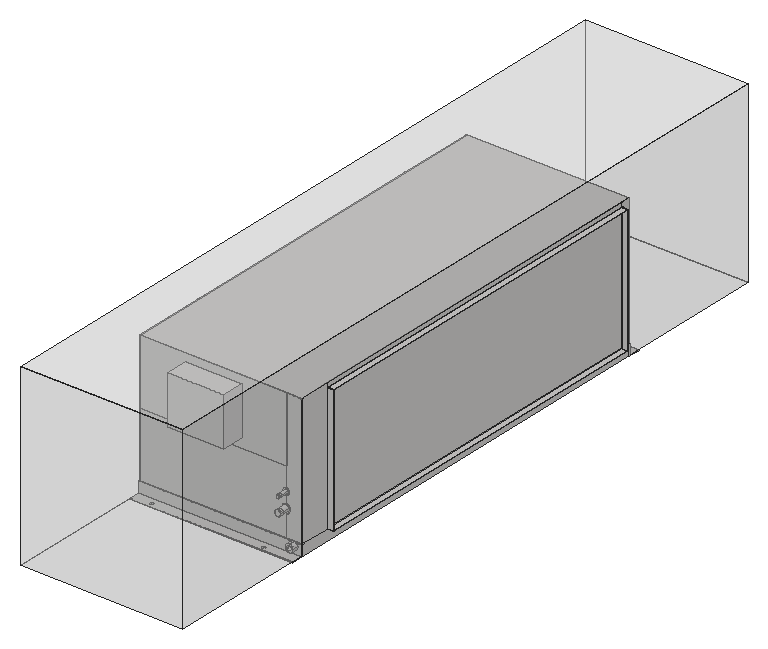
Revit family "outputfile", category 機械設備, Revit 2024
Family settings
  丸型コネクタ寸法 = 半径を使用
  パーツ タイプ = 標準
  OmniClass 番号 = 23.75.10.24.21.27.27
  OmniClass タイトル = Split System Air Conditioning Units
  作業面ベース = いいえ
  常に垂直 = はい
  ロード時にボイドで切り取り = いいえ
  注釈の向きを維持 = いいえ
  共有 = いいえ
  部屋計算ポイント = はい
Parameters (values of type "FDR500QY1")
  Description = ""
  書き出し IFC クラス(タイプ) = "IfcUnitaryEquipmentType"
  定義済み IFC タイプ(タイプ) = "AIRCONDITIONINGUNIT"
  Cost = 0
  Type Comments = ""
  Keynote = ""
  Type Image = (empty or 0)
  Assembly Code = ""
  angle_Drain Pipe [instance] = if(Rear Connection_drainpipe, -90.00°, 90.00°)  # 90.00°
  製造元 = "Daikin"
  モデル = "FDR500QY1"
  w2 = if(Depth = 2195.0 mm, 0.0 mm, if(Depth = 1980.0 mm, 0.0 mm, 352.0 mm))  # 0.0 mm
  w1 = if(Depth = 2195.0 mm, 0.0 mm, if(Depth = 1980.0 mm, 1.0 mm, 20.0 mm))  # 0.0 mm
  switch_frequency = yes
  r_Liquid Pipe Size = Liquid Pipe Size / 2  # 7.95 mm
  r_Gas Pipe Size = Gas Pipe Size / 2  # 14.3 mm
  r_Drain Pipe Size = Drain Pipe Size / 2  # 12.7 mm
  r_D = if(Depth = 2195.0 mm, 41.5 mm, if(Depth = 1980.0 mm, 41.5 mm, 34.5 mm))  # 41.5 mm
  lw_power = if(Depth = 2195.0 mm, Width / 2 - 249.0 mm, if(Depth = 1980.0 mm, Width / 2 - 128.0 mm, Width / 2 - 138.0 mm))  # 186.0 mm
  lw_mountinghole = if(Depth = 2195.0 mm, 100.0 mm, if(Depth = 1980.0 mm, 100.0 mm, if(Depth = 1330.0 mm, 59.0 mm, 59.0 mm)))  # 100.0 mm
  lh_SA = if(Depth = 2195.0 mm, 263.0 mm + SA Duct Size Height / 2, if(Depth = 1980.0 mm, 257.0 mm + SA Duct Size Height / 2, 156.0 mm + SA Duct Size Height / 2))  # 436.5 mm
  ld_SA = if(Depth = 2195.0 mm, 570.0 mm + SA Duct Size Width / 2, if(Depth = 1980.0 mm, 479.0 mm + SA Duct Size Width / 2, 128.0 mm + SA Duct Size Width / 2))  # 1092.5 mm
  ld_RA = if(Depth = 2195.0 mm, 171.0 mm + RA Duct Size Width / 2, if(Depth = 1980.0 mm, 169.0 mm + RA Duct Size Width / 2, 128.0 mm + RA Duct Size Width / 2))  # 1158.0 mm
  lh_power = if(Depth = 2195.0 mm, 490.0 mm, if(Depth = 1980.0 mm, 300.0 mm, 200.0 mm))  # 490.0 mm
  lh_RA = if(Depth = 2195.0 mm, 60.0 mm + RA Duct Size Height / 2, if(Depth = 1980.0 mm, 61.0 mm + RA Duct Size Height / 2, 156.0 mm + RA Duct Size Height / 2))  # 399.5 mm
  ld_power = if(Depth = 2195.0 mm, 75.8 mm, if(Depth = 1980.0 mm, 70.0 mm, 76.6 mm))  # 75.8 mm
  l_SA = if(Depth = 2195.0 mm, 36.0 mm, if(Depth = 1980.0 mm, 35.0 mm, 39.0 mm))  # 36.0 mm
  l_RA = if(Depth = 2195.0 mm, 36.0 mm, if(Depth = 1980.0 mm, 35.0 mm, 39.0 mm))  # 36.0 mm
  d = if(Depth = 1330.0 mm, 20.0 mm, 0.0 mm)  # 0.0 mm
  connector_voltage = Voltage_50Hz  # 400 V
  connector_powerinput = [Power Input (Cooling)]  # 26.390 kW
  connector_phase = Phase_50Hz  # 3
  Voltage_comment_50Hz = "380 - 415"
  Voltage_50Hz = 400 V
  URL = ""
  Supply Air Direction [instance] = yes
  Sound Power Level_H speed (dB) = 0
  Rear Connection_drainpipe [instance] = not(Front Connection_drainpipe)  # no
  Phase_50Hz = 3
  Minimum External Static Pressure = 0.00 Pa
  Minimum Circuit Amps_50Hz = 6.1 A
  Maximum Fuse Amps_50Hz = 16.0 A
  Maximum External Static Pressure = 150.00 Pa
  Material_Casing = DAIKIN_GalvanizedSteel_Casing_indoorunit
  lw_mountinghole_pitch = if(Depth = 2195.0 mm, 600.0 mm, if(Depth = 1980.0 mm, 600.0 mm, if(Depth = 1330.0 mm, 732.0 mm, 732.0 mm)))  # 600.0 mm
  lh_gaspipe = if(Depth = 2195.0 mm, 205.0 mm, if(Depth = 1980.0 mm, 205.0 mm, 187.0 mm))  # 205.0 mm
  lh_mountinghole = if(Depth = 2195.0 mm, 0.0 mm, if(Depth = 1980.0 mm, 0.0 mm, if(Depth = 1330.0 mm, 495.0 mm, 495.0 mm)))  # 0.0 mm
  lh_liquidpipe = if(Depth = 2195.0 mm, 285.0 mm, if(Depth = 1980.0 mm, 285.0 mm, 187.0 mm))  # 285.0 mm
  lh_drainpipe = if(Depth = 2195.0 mm, 38.0 mm, if(Depth = 1980.0 mm, 38.0 mm, 32.0 mm))  # 38.0 mm
  l_antena = Height - lh_mountinghole + 1.0 mm  # 761.0 mm
  ld_drainpipe = if(Depth = 2195.0 mm, Depth / 2 + 29.0 mm, if(Depth = 1980.0 mm, Depth / 2 + 29.0 mm, Depth / 2 + 9.0 mm))  # 1126.5 mm
  ld_liquidpipe = if(Depth = 2195.0 mm, Depth / 2 + 55.0 mm, if(Depth = 1980.0 mm, Depth / 2 + 55.0 mm, Depth / 2 + 60.0 mm))  # 1152.5 mm
  ld_gaspipe = if(Depth = 2195.0 mm, Depth / 2 + 55.0 mm, if(Depth = 1980.0 mm, Depth / 2 + 55.0 mm, Depth / 2 + 58.0 mm))  # 1152.5 mm
  ld_mountinghole_pitch = if(Depth = 2195.0 mm, 2280.0 mm, if(Depth = 1980.0 mm, 2070.0 mm, 1386.0 mm))  # 2280.0 mm
  h*** = 0.0 mm  # constant formula
  lw_liquidpipe = if(Depth = 2195.0 mm, 83.0 mm, if(Depth = 1980.0 mm, 87.0 mm, 126.0 mm))  # 83.0 mm
  lw_gaspipe = if(Depth = 2195.0 mm, 83.0 mm, if(Depth = 1980.0 mm, 87.0 mm, 47.0 mm))  # 83.0 mm
  lw_drainpipe = if(Depth = 2195.0 mm, 43.0 mm, if(Depth = 1980.0 mm, 45.0 mm, 46.0 mm))  # 43.0 mm
  Width = 870.0 mm
  Version = "ver.1.0"
  Unit Type = "Duct"
  Unit Mass Weight = 204.00 kg
  Unit Designation [instance] = ""
  Uniclass2015Version = "Products v1.30"
  Uniclass2015Title = "Split coil room air conditioning units"
  Uniclass2015Code = "Pr_70_65_03_86"
  Total Cooling Capacity [instance] = 0.000 kW
  Sound Pressure Level_M speed (dBA) = 0
  Sound Pressure Level_L speed (dBA) = 0
  Sound Pressure Level_H speed (dBA) = 60
  Series = "Package Aircon_Fan Coil Unit"
  Sensible Cooling Capacity [instance] = 0.000 kW
  SA Duct Size Width = 1045.0 mm
  SA Duct Size Height = 347.0 mm
  Refrigerant Type = "R410A"
  RA Duct Size Width = 1974.0 mm
  RA Duct Size Height = 679.0 mm
  Power Input (Cooling) = 26.390 kW
  Option Accessory 3 [instance] = ""
  Option Accessory 2 [instance] = ""
  Option Accessory 1 [instance] = ""
  Nominal Cooling Capacity = 57.700 kW
  Minimum Airflow = 0.00 m³/h
  Median Airflow = 0.00 m³/h
  Maximum Airflow = 9960.00 m³/h
  Load Classification = HVAC
  Liquid Pipe Size = 15.9 mm
  Link_Nested Family [instance] = ""
  Front Connection_drainpipe [instance] = yes
  IfcVersion = ""
  IfcExportType = "AIRCONDITIONINGUNIT"
  IfcExportAs = "IfcUnitaryEquipmentType"
  Height = 760.0 mm
  Heat Exchanger Type = "Cross Fin Coil"
  Gas Pipe Size = 28.6 mm
  Frequency_50Hz = 50 Hz
  Fan Type = "Sirocco Fan"
  Fan Drive = "-"
  FCU Tag No. [instance] = ""
  Drain Pipe Size = 25.4 mm
  Design Supply Airflow [instance] = 0.00 m³/h
  Design Return Airflow [instance] = 0.00 m³/h
  Design External Static Pressure [instance] = 0.00 Pa
  Depth = 2195.0 mm
  既定の高さ = 0.0 mm
  Cooling Entering Wet Bulb Temperature [instance] = 0.00 °C
  Cooling Entering Dry Bulb Temperature [instance] = 0.00 °C
  Cooling Ambient Wet Bulb Temperature [instance] = 0.00 °C
  Cooling Ambient Dry Bulb Temperature [instance] = 0.00 °C
  Clearance visibility [instance] = yes
  Clearance Top = 200.0 mm
  Clearance Right = 0.0 mm
  Clearance Rear = 800.0 mm
  Clearance Left = 0.0 mm
  Clearance Front = 800.0 mm
  Clearance Bottom = 0.0 mm
  A = if(Depth = 2195.0 mm, 60.0 mm, if(Depth = 1980.0 mm, 61.0 mm, 63.0 mm))  # 60.0 mm
  300-500 = not([200/250])  # yes
  200/250 = Depth = 1330.0 mm  # no
Reference planes
  plane 1 "Center (Front/Back)": y = 0
  plane 2 "h": z = 0
  plane 3 "Center (Left/Right)": x = 0
  plane 4 "Back": y = 1097.5
  plane 5 "Front": y = -1097.5
  plane 6 "Left": x = -435
  plane 7 "Right": x = 435
  plane 8 "Top": z = 0
  plane 9 "Bottom": z = -760
  plane 10: y = 1897.5
  plane 11: y = -1897.5
  plane 12: x = -435
  plane 13: x = 435
  plane 14: z = 200
  plane 15: z = -760
  plane 16 "ld_RA": y = 60.5
  plane 17 "lh_RA": z = -360.5
  plane 18 "ld_gaspipe": y = -1152.5
  plane 19 "ld_drainpipe": y = -1126.5
  plane 20 "lw_drainpipe": x = 392
  plane 21 "lw_liquidpipe": x = 352
  plane 22 "lw_gaspipe": x = 352
  plane 23 "lw_mountinghole": x = -335
  plane 24 "lw_mountinghole1": x = 265
  plane 25 "ld_mountinghole": y = -1140
  plane 26 "ld_mountinghole1": y = 1140
  plane 27 "lh_mountinghole": z = -760
  plane 28 "lh_SA": z = -323.5
  plane 29 "ld_liquidpipe": y = -1152.5
  plane 30 "ld_power": y = -1173.3
  plane 31 "ld_drainpipe1": y = 1126.5
  plane 32 "ld_SA": y = -5
  plane 33 "A": z = -700
  plane 34: y = 1097.5
  plane 35: y = -1097.5
  plane 36: x = -435
  plane 37: x = 435
  plane 38: z = -722
  plane 39: z = -722
Forms (mm)
  Extrusion 1, solid, material "DAIKIN_GalvanizedSteel_Casing_indoorunit" <- "Material_Casing"
    sketch origin (0, 0, -760) x (-1, 0, 0) y (0, -1, 0)
      loop
        line (434, -1097.5) -> (434, 1097.5) -> (-435, 1097.5) -> (-435, -1097.5) -> (434, -1097.5)
    from 760 to 60
  Extrusion 2, solid, material "DAIKIN_GalvanizedSteel_Casing_indoorunit" <- "Material_Casing"
    sketch origin (0, 0, -760) x (-1, 0, 0) y (0, -1, 0)
      loop
        line (435, -1097.5) -> (435, 1097.5) -> (-435, 1097.5) -> (-435, -1097.5) -> (435, -1097.5)
    from 0 to 60
  Extrusion 3, solid, material "DAIKIN_GalvanizedSteel_Casing_indoorunit" <- "Material_Casing", visible <- "200/250"
    sketch origin (0, 0, 0) x (1, 0, 0) y (0, 0, 1)
      loop
        line (94.8, -700) -> (94.8, -760) -> (429.6, -760) -> (429.6, -700) -> (94.8, -700)
    from -1097.5 to 1097.5
  Extrusion 4, solid, material "DAIKIN_GalvanizedSteel_Casing_indoorunit" <- "Material_Casing", visible <- "Front Connection_drainpipe"
    sketch origin (435, -1097.5, -760) x (-1, 0, 0) y (0, 0, -1)
      loop
        circle (43, -38) r 20.75
      loop
        circle (43, -38) r 12.7
    from 0 to 29
  Extrusion 5, solid, material "DAIKIN_GalvanizedSteel_Casing_indoorunit" <- "Material_Casing", visible <- "Rear Connection_drainpipe"
    sketch origin (-435, 1097.5, -760) x (1, 0, 0) y (0, 0, -1)
      loop
        circle (827, -38) r 20.75
      loop
        circle (827, -38) r 12.7
    from 0 to 29
Dimensions and locks
  "Height": plane 8 "Top" to plane 9 "Bottom"
  equal spacing: plane 4 "Back", plane 1 "Center (Front/Back)", plane 5 "Front"
  "Depth": plane 4 "Back" to plane 5 "Front"
  equal spacing: plane 6 "Left", plane 3 "Center (Left/Right)", plane 7 "Right"
  "Width": plane 6 "Left" to plane 7 "Right"
  "Clearance Left": plane 12 to plane 6 "Left"
  "Clearance Right": plane 7 "Right" to plane 13
  "Clearance Rear": plane 10 to plane 4 "Back"
  "Clearance Front": plane 5 "Front" to plane 11
  "Clearance Top": plane 14 to plane 8 "Top"
  "Clearance Bottom": plane 9 "Bottom" to plane 15
  "ld_RA": plane 16 "ld_RA" to plane 5 "Front"
  "lh_RA": plane 17 "lh_RA" to plane 9 "Bottom"
  "lw_drainpipe": plane 20 "lw_drainpipe" to plane 7 "Right"
  "lw_liquidpipe": plane 21 "lw_liquidpipe" to plane 7 "Right"
  "lw_gaspipe": plane 22 "lw_gaspipe" to plane 7 "Right"
  "lw_mountinghole_pitch": plane 23 "lw_mountinghole" to plane 24 "lw_mountinghole1"
  equal spacing: plane 25 "ld_mountinghole", plane 1 "Center (Front/Back)", plane 26 "ld_mountinghole1"
  "ld_mountinghole_pitch": plane 26 "ld_mountinghole1" to plane 25 "ld_mountinghole"
  "lh_mountinghole": plane 27 "lh_mountinghole" to plane 9 "Bottom"
  "lh_SA": plane 28 "lh_SA" to plane 9 "Bottom"
  "h***": plane 8 "Top" to plane 2 "h"
  "lw_mountinghole": plane 6 "Left" to plane 23 "lw_mountinghole"
  "ld_drainpipe": plane 31 "ld_drainpipe1" to plane 1 "Center (Front/Back)"
  "ld_drainpipe": plane 1 "Center (Front/Back)" to plane 19 "ld_drainpipe"
  "ld_power": plane 5 "Front" to plane 30 "ld_power"
  "ld_liquidpipe": plane 29 "ld_liquidpipe" to plane 1 "Center (Front/Back)"
  "ld_gaspipe": plane 18 "ld_gaspipe" to plane 1 "Center (Front/Back)"
  "ld_SA": plane 32 "ld_SA" to plane 5 "Front"
  "A": plane 33 "A" to plane 9 "Bottom"
  "w1": plane 6 "Left" to plane 36
  "d": plane 4 "Back" to plane 34
  "d": plane 35 to plane 5 "Front"
  "w2": plane 37 to plane 7 "Right"
  locked: plane 6 "Left" to Extrusion 1 sketch curve at 1
  locked: Extrusion 3 sketch curve to Extrusion 3 sketch curve at 334.8
  locked: Extrusion 3 sketch curve to plane 7 "Right" at 5.4
  "lh_drainpipe": plane 38 to plane 9 "Bottom"
  "lh_drainpipe": plane 39 to plane 9 "Bottom"
  "r_D": diameter of Extrusion 4 sketch curve
  "Drain Pipe Size": diameter of Extrusion 4 sketch curve
  "Drain Pipe Size": diameter of Extrusion 5 sketch curve
  "r_D": diameter of Extrusion 5 sketch curve
  aligned and locked: level to plane 2 "h"
  aligned and locked: nested 4 to plane 11
  aligned and locked: nested 4 to plane 12  (x2)
  aligned and locked: nested 4 to plane 13
  aligned and locked: plane 10 to nested 4
  aligned and locked: plane 14 to nested 4
  aligned and locked: plane 15 to nested 4
  aligned and locked: nested 2 to plane 21 "lw_liquidpipe"
  aligned and locked: nested 1 to plane 22 "lw_gaspipe"
  aligned and locked: nested 1 to plane 18 "ld_gaspipe"
  aligned and locked: plane 23 "lw_mountinghole" to nested 6
  aligned and locked: nested 6 to plane 26 "ld_mountinghole1"
  aligned and locked: plane 24 "lw_mountinghole1" to nested 5
  aligned and locked: nested 5 to plane 26 "ld_mountinghole1"
  aligned and locked: plane 24 "lw_mountinghole1" to nested 8
  aligned and locked: plane 25 "ld_mountinghole" to nested 8
  aligned and locked: plane 25 "ld_mountinghole" to nested 7
  aligned and locked: plane 23 "lw_mountinghole" to nested 7
  aligned and locked: nested 2 to plane 29 "ld_liquidpipe"
  aligned and locked: plane 28 "lh_SA" to nested 9
  aligned and locked: nested 3 to plane 3 "Center (Left/Right)"
  aligned and locked: plane 1 "Center (Front/Back)" to nested 3
  aligned and locked: nested 11 to plane 3 "Center (Left/Right)"
  aligned and locked: nested 11 to plane 30 "ld_power"
  aligned and locked: nested 9 to plane 6 "Left"
  aligned and locked: nested 9 to plane 32 "ld_SA"
  aligned and locked: plane 7 "Right" to nested 10
  aligned and locked: plane 16 "ld_RA" to nested 10
  aligned and locked: plane 7 "Right" to nested 12
  aligned and locked: nested 12 to plane 1 "Center (Front/Back)"
  aligned and locked: plane 1 "Center (Front/Back)" to nested 13
  aligned and locked: nested 13 to plane 6 "Left"
  aligned and locked: plane 9 "Bottom" to nested 13
  aligned and locked: Extrusion 1 sketch curve to plane 4 "Back"
  aligned and locked: plane 5 "Front" to Extrusion 1 sketch curve
  aligned and locked: Extrusion 1 sketch curve to plane 7 "Right"
  aligned and locked: Extrusion 1 to plane 8 "Top"
  aligned and locked: Extrusion 1 to plane 33 "A"
  aligned and locked: Extrusion 2 sketch curve to plane 34
  aligned and locked: Extrusion 2 sketch curve to plane 36
  aligned and locked: plane 35 to Extrusion 2 sketch curve
  aligned and locked: Extrusion 2 sketch curve to plane 37
  aligned and locked: plane 33 "A" to Extrusion 2
  aligned and locked: Extrusion 2 to plane 9 "Bottom"
  aligned and locked: plane 25 "ld_mountinghole" to nested 14
  aligned and locked: nested 15 to plane 26 "ld_mountinghole1"
  aligned and locked: plane 23 "lw_mountinghole" to nested 14
  aligned and locked: nested 15 to plane 23 "lw_mountinghole"
  aligned and locked: plane 9 "Bottom" to nested 15
  aligned and locked: nested 14 to plane 9 "Bottom"
  aligned and locked: plane 23 "lw_mountinghole" to nested 16
  aligned and locked: plane 24 "lw_mountinghole1" to nested 17
  aligned and locked: nested 16 to plane 25 "ld_mountinghole"
  aligned and locked: nested 17 to plane 25 "ld_mountinghole"
  aligned and locked: nested 18 to plane 26 "ld_mountinghole1"
  aligned and locked: nested 19 to plane 26 "ld_mountinghole1"
  aligned and locked: nested 19 to plane 24 "lw_mountinghole1"
  aligned and locked: nested 18 to plane 23 "lw_mountinghole"
  aligned and locked: plane 27 "lh_mountinghole" to nested 18
  aligned and locked: plane 27 "lh_mountinghole" to nested 16
  aligned and locked: plane 27 "lh_mountinghole" to nested 19
  aligned and locked: plane 27 "lh_mountinghole" to nested 17
  aligned and locked: plane 8 "Top" to nested 12
  aligned and locked: Extrusion 3 sketch curve to plane 33 "A"
  aligned and locked: plane 9 "Bottom" to Extrusion 3 sketch curve
  aligned and locked: Extrusion 2 to Extrusion 3  (x2)
  aligned and locked: nested 20 to plane 5 "Front"
  aligned and locked: plane 3 "Center (Left/Right)" to nested 20
  aligned and locked: plane 9 "Bottom" to nested 20
  aligned and locked: Extrusion 4 sketch curve to plane 20 "lw_drainpipe"  (x2)
  aligned and locked: plane 38 to Extrusion 4 sketch curve  (x2)
  aligned and locked: Extrusion 4 to plane 19 "ld_drainpipe"
  aligned and locked: Extrusion 5 sketch curve to plane 20 "lw_drainpipe"  (x2)
  aligned and locked: plane 39 to Extrusion 5 sketch curve  (x2)
  aligned and locked: plane 31 "ld_drainpipe1" to Extrusion 5
  aligned and locked: plane 1 "Center (Front/Back)" to nested 21
  aligned and locked: nested 21 to plane 20 "lw_drainpipe"
Nested families
  nested 1: "daikin_connector_rotate2" at (352, 0, -555), length <- "ld_gaspipe", built-in parameter 1001364 <- "lh_gaspipe", radius <- "r_Gas Pipe Size", type "daikin_connector_rotate2"
    with radius 14.3 mm, length 1152.5 mm, angle_vertical 90.00°
  nested 2: "daikin_connector_rotate2" at (352, 0, -475), length <- "ld_liquidpipe", built-in parameter 1001364 <- "lh_liquidpipe", radius <- "r_Liquid Pipe Size", type "daikin_connector_rotate2"
    with radius 7.95 mm, length 1152.5 mm, angle_vertical 90.00°
  nested 3: "daikin_△_symbolicline" at (0, 0, 760) x (0, -1, 0) z (0, 0, 1), built-in parameter 1001364 <- "Height", visible <- "Supply Air Direction", type "daikin_△_symbolicline"
    with length 250.0 mm
  nested 4: "daikin_clearancespace" at (0, 0, -279.881), visible <- "Clearance visibility", show <- "Clearance visibility", Link_Nested Family <- "Link_Nested Family", type "daikin_clearancespace"
    with width 870.0 mm, show yes, height 960.0 mm, depth 3795.0 mm, Link_Nested Family ""
  nested 5: "daikin_mountinghole" at (265, 1140, -760), l_antenna <- "l_antena", Link_Nested Family <- "Link_Nested Family", h_mountinghole <- "lh_mountinghole", type "daikin_mountinghole"
    with show yes, l_antenna 761.0 mm, h_mountinghole 0.0 mm, Link_Nested Family ""
  nested 6: "daikin_mountinghole" at (-335, 1140, -760), l_antenna <- "l_antena", Link_Nested Family <- "Link_Nested Family", h_mountinghole <- "lh_mountinghole", type "daikin_mountinghole"
    with show yes, l_antenna 761.0 mm, h_mountinghole 0.0 mm, Link_Nested Family ""
  nested 7: "daikin_mountinghole" at (-335, -1140, -760), h_mountinghole <- "lh_mountinghole", l_antenna <- "l_antena", Link_Nested Family <- "Link_Nested Family", type "daikin_mountinghole"
    with show yes, l_antenna 761.0 mm, h_mountinghole 0.0 mm, Link_Nested Family ""
  nested 8: "daikin_mountinghole" at (265, -1140, -760), h_mountinghole <- "lh_mountinghole", l_antenna <- "l_antena", Link_Nested Family <- "Link_Nested Family", type "daikin_mountinghole"
    with show yes, l_antenna 761.0 mm, h_mountinghole 0.0 mm, Link_Nested Family ""
  nested 9: "daikin_connector_rotate2" at (-435, -5, -323.5) x (0, -1, 0) z (0, 0, 1), built-in parameter 1001364 <- "lh_SA", length <- "l_SA", type "daikin_connector_rotate2"
    with radius 10.0 mm, length 36.0 mm, angle_vertical 90.00°
  nested 10: "daikin_connector_rotate2" at (435, 60.5, -360.5) x (0, 1, 0) z (0, 0, 1), built-in parameter 1001364 <- "lh_RA", length <- "l_RA", type "daikin_connector_rotate2"
    with radius 10.0 mm, length 36.0 mm, angle_vertical 90.00°
  nested 11: "daikin_connector_rotate2" at (0, -1173.3, -270) x (0, -1, 0) z (0, 0, 1), length <- "lw_power", built-in parameter 1001364 <- "lh_power", type "daikin_connector_rotate2"
    with radius 10.0 mm, length 186.0 mm, angle_vertical 90.00°
  nested 12: "daikin_RA ductflange_FDR-QY1" at (435, 0, -760) x (0, 1, 0) z (0, 0, 1), type "daikin_RA ductflange_FDR-QY1"
  nested 13: "daikin_SA ductflange_FDR-QY1" at (-435, 0, -760) x (0, -1, 0) z (0, 0, 1), type "daikin_SA ductflange_FDR-QY1"
  nested 14: "daikin_anchor boltsfixture_FDR-QY1" at (-335, -1140, -760), visible <- "300-500", type "daikin_anchor boltsfixture_FDR-QY1"
  nested 15: "daikin_anchor boltsfixture_FDR-QY1" at (-335, 1140, -760), visible <- "300-500", type "daikin_anchor boltsfixture_FDR-QY1"
  nested 16: "daikin_hangerfixture_FDR-QY1" at (-335, -1140, -760) x (0, 1, 0) z (0, 0, 1), visible <- "200/250", type "daikin_hangerfixture_FDR-QY1"
  nested 17: "daikin_hangerfixture_FDR-QY1" at (265, -1140, -760) x (0, 1, 0) z (0, 0, 1), visible <- "200/250", type "daikin_hangerfixture_FDR-QY1"
  nested 18: "daikin_hangerfixture_FDR-QY1" at (-335, 1140, -760) x (0, -1, 0) z (0, 0, 1), visible <- "200/250", type "daikin_hangerfixture_FDR-QY1"
  nested 19: "daikin_hangerfixture_FDR-QY1" at (265, 1140, -760) x (0, -1, 0) z (0, 0, 1), visible <- "200/250", type "daikin_hangerfixture_FDR-QY1"
  nested 20: "daikin_rightpanel_FDR-QY1" at (0, -1097.5, -760), material <- "Material_Casing", type "daikin_rightpanel_FDR-QY1"
    with material DAIKIN_GalvanizedSteel_Casing_indoorunit, 外径_gaspipe 31.1 mm, 内径_gaspipe 28.6 mm, width 870.0 mm, switch_unit_450/500 yes, switch_unit_200/250 no, lw_liquidpipe 83.0 mm, lw_gaspipe 83.0 mm, lw_control box 249.0 mm, lh_liquidpipe 285.0 mm, lh_gaspipe 205.0 mm, lh_control box 458.0 mm, ld_liquidpipe 55.0 mm, 外径_liquidpipe 17.8 mm, 内径_liquidpipe 15.9 mm, ld_gaspipe 55.0 mm, height 760.0 mm, depth 2195.0 mm
  nested 21: "daikin_connector_rotate2" at (392, 0, -722), built-in parameter 1001364 <- "lh_drainpipe", length <- "ld_drainpipe", radius <- "r_Drain Pipe Size", angle_vertical <- "angle_Drain Pipe", type "daikin_connector_rotate2"
    with radius 12.7 mm, length 1126.5 mm, angle_vertical 90.00°
Connectors
  piping at (352, -1152.5, -555), diameter 28.6, driven by "r_Gas Pipe Size"
    settings: on nested 1, index 4, connector inside diameter 609.6 mm, connector length 0.0 mm, flow factor 0, pipe flow 0.00 m³/h, pressure drop 0.0 Pa, fitting loss kfactor 0, connector angle 0.00°, fixture units 0, engagement length 0.0 mm, angle of deflection 0.00°, flow configuration 1, flow direction 2, fitting loss method 0, system type 29, joint type 0, gender type 0, connector reference index -1, connector utility 0, adjustable connector no, is connector primary yes, connector description "Refrigerant Gas Piping"
  piping at (352, -1152.5, -475), diameter 15.9, driven by "r_Liquid Pipe Size"
    settings: on nested 2, index 5, connector inside diameter 609.6 mm, connector length 0.0 mm, flow factor 0, pipe flow 0.00 m³/h, pressure drop 0.0 Pa, fitting loss kfactor 0, connector angle 0.00°, fixture units 0, engagement length 0.0 mm, angle of deflection 0.00°, flow configuration 1, flow direction 1, fitting loss method 0, system type 29, joint type 0, gender type 0, connector reference index -1, connector utility 0, adjustable connector no, is connector primary no, connector description "Refrigerant Liquid Piping"
  hvac at (-471, -5, -323.5), driven by "SA Duct Size Height", driven by "SA Duct Size Width"
    settings: on nested 9, index 7, duct flow 0.00 m³/h, flow factor 0, pres drop 0.00 Pa, loss coef 0, conn angle 0.00°, conn width 1045.0 mm, conn height 347.0 mm, conn diameter 609.6 mm, duct sys type 1, conn prof type 1, flow config 0, flow direction 2, loss method 4, conn ref index -1, conn util no, is conn primary yes, conn desc "SA Duct"
  hvac at (471, 60.5, -360.5), driven by "RA Duct Size Height", driven by "RA Duct Size Width"
    settings: on nested 10, index 8, duct flow 0.00 m³/h, flow factor 0, pres drop 0.00 Pa, loss coef 0, conn angle 0.00°, conn width 1974.0 mm, conn height 679.0 mm, conn diameter 609.6 mm, duct sys type 2, conn prof type 1, flow config 0, flow direction 1, loss method 4, conn ref index -1, conn util no, is conn primary no, conn desc "RA Duct"
  electrical at (-186, -1173.3, -270), driven by "connector_phase", driven by "Load Classification", driven by "connector_voltage", driven by "connector_powerinput"
    settings: on nested 11, index 9, voltage 400 V, apparent load 26390 VA, apparent load phase1 0 VA, apparent load phase2 0 VA, apparent load phase3 0 VA, power factor 1, load classification "HVAC", number of poles 3, system type 30, power factor state 1, is connector primary yes, connector utility no, sub classification motor no, connector description "Power Supply"
  piping at (392, -1126.5, -722), diameter 25.4, driven by "r_Drain Pipe Size"
    settings: on nested 21, index 10, connector inside diameter 609.6 mm, connector length 0.0 mm, flow factor 0, pipe flow 0.00 m³/h, pressure drop 0.0 Pa, fitting loss kfactor 0, connector angle 0.00°, fixture units 0, engagement length 0.0 mm, angle of deflection 0.00°, flow configuration 1, flow direction 2, fitting loss method 4, system type 16, joint type 0, gender type 0, connector reference index -1, connector utility 0, adjustable connector no, is connector primary no, connector description "Condensate Drain Piping"
Definition of nested family "daikin_clearancespace"
  Parameters (values of type "daikin_clearancespace")
    Description = "daikin_clearancespace"
    width [instance] = 1823.963 mm
    show [instance] = yes
    material = none
    height [instance] = 1359.762 mm
    depth [instance] = 880.0 mm
    Default Elevation = 0.0 mm
    Link_Nested Family [instance] = ""
  Reference planes
    plane 1 "Center (Front/Back)": y = 0
    plane 2 "Center (Elevation)": z = -0.119
    plane 3 "Center (Left/Right)": x = 0
    plane 4: y = 440
    plane 5: y = -440
    plane 6 "Right": x = 911.982
    plane 7 "Left": x = -911.982
    plane 8 "Top": z = 679.762
    plane 9 "Bottom": z = -680
  Forms (mm)
    Extrusion 1, solid, material <- "material", visible <- "show"
      sketch origin (0, 0, 0) x (1, 0, 0) y (0, 1, 0)
        loop
          line (-911.982, 440) -> (-911.982, -440) -> (911.982, -440) -> (911.982, 440) -> (-911.982, 440)
      from -680 to 679.762
  Lines and regions (mm)
    symbolic lines, visible <- "show"
      curve 1: line (911.982, 440, 0) -> (-911.982, 440, 0)
      curve 2: line (-911.982, 440, 0) -> (-911.982, -440, 0)
      curve 3: line (-911.982, -440, 0) -> (911.982, -440, 0)
      curve 4: line (911.982, -440, 0) -> (911.982, 440, 0)
      curve 5: line (911.982, 0, 679.762) -> (-911.982, 0, 679.762)
      curve 6: line (911.982, 0, -680) -> (911.982, 0, 679.762)
      curve 7: line (-911.982, 0, -680) -> (911.982, 0, -680)
      curve 8: line (-911.982, 0, 679.762) -> (-911.982, 0, -680)
      curve 9: line (0, 440, 679.762) -> (0, -440, 679.762)
      curve 10: line (0, -440, 679.762) -> (0, -440, -680)
      curve 11: line (0, 440, -680) -> (0, 440, 679.762)
      curve 12: line (0, -440, -680) -> (0, 440, -680)
  Dimensions and locks
    "width": plane 7 "Left" to plane 6 "Right"
    "depth": plane 4 to plane 5
    "height": plane 8 "Top" to plane 9 "Bottom"
    equal spacing: plane 7 "Left", plane 3 "Center (Left/Right)", plane 6 "Right"
    equal spacing: plane 4, plane 1 "Center (Front/Back)", plane 5
    equal spacing: plane 8 "Top", plane 2 "Center (Elevation)", plane 9 "Bottom"
    aligned and locked: level to plane 2 "Center (Elevation)"
    aligned and locked: Extrusion 1 sketch curve to plane 4
    aligned and locked: plane 7 "Left" to Extrusion 1 sketch curve
    aligned and locked: Extrusion 1 sketch curve to plane 5
    aligned and locked: Extrusion 1 sketch curve to plane 6 "Right"
    aligned and locked: plane 8 "Top" to Extrusion 1
    aligned and locked: curve 1 to Extrusion 1
    aligned and locked: curve 2 to Extrusion 1
    aligned and locked: curve 3 to Extrusion 1
    aligned and locked: curve 4 to Extrusion 1
    aligned and locked: curve 5 to Extrusion 1
    aligned and locked: curve 6 to Extrusion 1
    aligned and locked: curve 7 to Extrusion 1
    aligned and locked: curve 8 to Extrusion 1
    aligned and locked: curve 9 to Extrusion 1
    aligned and locked: curve 10 to Extrusion 1
    aligned and locked: curve 11 to Extrusion 1
    aligned and locked: curve 12 to Extrusion 1
    aligned and locked: Extrusion 1 to plane 9 "Bottom"
Definition of nested family "daikin_RA ductflange_FDR-QY1"
  Parameters (values of type "daikin_RA ductflange_FDR-QY14")
    lh_RA = if(Depth = 2195.0 mm, 60.0 mm, if(Depth = 1980.0 mm, 61.0 mm, 156.0 mm))  # 60.0 mm
    ld_RA = if(Depth = 2195.0 mm, 171.0 mm, if(Depth = 1980.0 mm, 169.0 mm, 128.0 mm))  # 171.0 mm
    l_RA = if(Depth = 2195.0 mm, 36.0 mm, if(Depth = 1980.0 mm, 35.0 mm, 39.0 mm))  # 36.0 mm
    a = if(Depth = 2195.0 mm, 60.0 mm, if(Depth = 1980.0 mm, 61.0 mm, 63.0 mm))  # 60.0 mm
    RA Duct Size Width = if(Depth = 2195.0 mm, 1974.0 mm, if(Depth = 1980.0 mm, 1764.0 mm, 1074.0 mm))  # 1974.0 mm
    RA Duct Size Height = if(Depth = 2195.0 mm, 679.0 mm, if(Depth = 1980.0 mm, 544.0 mm, 294.0 mm))  # 679.0 mm
    Depth = 2195.0 mm
    material = none
    Height = 760.0 mm
    t = if(Depth = 1330.0 mm, 0.8 mm, 1.0 mm)  # 1.0 mm
    Default Elevation = 0.0 mm
    200/250 = Depth = 1330.0 mm  # no
  Reference planes
    plane 1 "Center (Front/Back)": y = 0
    plane 2: z = 0
    plane 3 "Center (Left/Right)": x = 0
    plane 4: x = -1097.5
    plane 5: x = 1097.5
    plane 6: z = 760
    plane 7: z = 739
    plane 8 "a": z = 60
    plane 9: x = -926.5
    plane 10: x = 1047.5
    plane 11: x = -925.5
    plane 12: x = 1046.5
    plane 13: z = 60
    plane 14: y = -36
    plane 15: y = 1
    plane 16: x = -925.5
    plane 17: x = 1046.5
  Forms (mm)
    Extrusion 1, solid, material <- "material"
      sketch origin (0, 0, 0) x (1, 0, 0) y (0, 0, 1)
        loop
          line (-1097.5, 760) -> (-1097.5, 60) -> (-925.5, 60) -> (-925.5, 760) -> (-1097.5, 760)
      from 0 to -1
    Extrusion 2, solid, material <- "material"
      sketch origin (0, 0, 0) x (1, 0, 0) y (0, 0, 1)
        loop
          line (1097.5, 760) -> (1046.5, 760) -> (1046.5, 60) -> (1097.5, 60) -> (1097.5, 760)
      from 0 to -1
    Extrusion 3, solid, material <- "material"
      sketch origin (0, 0, 0) x (1, 0, 0) y (0, 0, 1)
        loop
          line (-926.5, 739) -> (-926.5, 60) -> (-925.5, 60) -> (-925.5, 739) -> (-926.5, 739)
        loop
          line (1046.5, 739) -> (1046.5, 60) -> (1047.5, 60) -> (1047.5, 739) -> (1046.5, 739)
      from 0 to 36
    Extrusion 4, solid, material <- "material"
      sketch origin (0, 0, 0) x (0, 1, 0) y (0, 0, 1)
        loop
          line (-36, 739) -> (-36, 738) -> (1, 738) -> (1, 760) -> (0, 760) -> (0, 739) -> (-36, 739)
        loop
          line (-36, 61) -> (-36, 60) -> (1, 60) -> (1, 61) -> (-36, 61)
      from -925.5 to 1046.5
    Extrusion 5, solid, material <- "material", visible <- "200/250"
      sketch origin (0, 0, 0) x (0, 1, 0) y (0, 0, 1)
        loop
          line (0, 60) -> (0, -33) -> (1, -33) -> (1, 60) -> (0, 60)
      from -925.5 to 1046.5
  Dimensions and locks
    equal spacing: plane 5, plane 3 "Center (Left/Right)", plane 4
    "Depth": plane 5 to plane 4
    "Height": plane 6 to plane 2
    "ld_RA": plane 9 to plane 4
    "RA Duct Size Width": plane 10 to plane 9
    "a": plane 8 "a" to plane 2
    "t": plane 11 to plane 9
    "t": plane 10 to plane 12
    "lh_RA": plane 13 to plane 2
    "RA Duct Size Height": plane 7 to plane 13
    "t": Extrusion 3 sketch curve to Extrusion 3 sketch curve  (x2)
    "l_RA": plane 14 to plane 1 "Center (Front/Back)"
    "t": plane 15 to plane 1 "Center (Front/Back)"
    "t": Extrusion 4 sketch curve to Extrusion 4 sketch curve  (x2)
    "t": plane 17 to plane 10
    "t": plane 9 to plane 16
    locked: Extrusion 5 sketch curve to Extrusion 5 sketch curve at 93
    aligned and locked: level to plane 2
    aligned and locked: Extrusion 1 sketch curve to plane 6
    aligned and locked: plane 4 to Extrusion 1 sketch curve
    aligned and locked: plane 8 "a" to Extrusion 1 sketch curve
    aligned and locked: Extrusion 1 sketch curve to plane 11
    aligned and locked: Extrusion 1 to plane 1 "Center (Front/Back)"
    aligned and locked: plane 6 to Extrusion 2 sketch curve
    aligned and locked: plane 5 to Extrusion 2 sketch curve
    aligned and locked: Extrusion 2 sketch curve to plane 8 "a"
    aligned and locked: Extrusion 2 sketch curve to plane 12
    aligned and locked: Extrusion 2 to plane 1 "Center (Front/Back)"
    aligned and locked: Extrusion 3 sketch curve to plane 7  (x2)
    aligned and locked: plane 9 to Extrusion 3 sketch curve
    aligned and locked: Extrusion 3 sketch curve to plane 10
    aligned and locked: plane 13 to Extrusion 3 sketch curve  (x2)
    aligned and locked: Extrusion 3 to plane 1 "Center (Front/Back)"
    aligned and locked: Extrusion 3 to plane 14
    aligned and locked: plane 15 to Extrusion 1
    aligned and locked: plane 15 to Extrusion 2
    aligned and locked: Extrusion 4 sketch curve to plane 7
    aligned and locked: Extrusion 4 sketch curve to plane 1 "Center (Front/Back)"
    aligned and locked: Extrusion 4 sketch curve to plane 6
    aligned and locked: Extrusion 4 sketch curve to plane 15  (x2)
    aligned and locked: plane 14 to Extrusion 4 sketch curve  (x2)
    aligned and locked: plane 13 to Extrusion 4 sketch curve
    aligned and locked: Extrusion 4 to plane 16
    aligned and locked: plane 17 to Extrusion 4
    aligned and locked: Extrusion 5 sketch curve to plane 13
    aligned and locked: Extrusion 5 sketch curve to plane 1 "Center (Front/Back)"
    aligned and locked: Extrusion 5 sketch curve to plane 15
    aligned and locked: Extrusion 5 to plane 16
    aligned and locked: plane 17 to Extrusion 5
Definition of nested family "daikin_SA ductflange_FDR-QY1"
  Parameters (values of type "daikin_SA ductflange_FDR-QY14")
    lh_SA = if(Depth = 2195.0 mm, 263.0 mm, if(Depth = 1980.0 mm, 257.0 mm, 156.0 mm))  # 263.0 mm
    ld_SA = if(Depth = 2195.0 mm, 570.0 mm, if(Depth = 1980.0 mm, 479.0 mm, 128.0 mm))  # 570.0 mm
    l_SA = if(Depth = 2195.0 mm, 36.0 mm, if(Depth = 1980.0 mm, 35.0 mm, 39.0 mm))  # 36.0 mm
    a = if(Depth = 2195.0 mm, 60.0 mm, if(Depth = 1980.0 mm, 61.0 mm, 63.0 mm))  # 60.0 mm
    SA Duct Size Width = if(Depth = 2195.0 mm, 1045.0 mm, if(Depth = 1980.0 mm, 1045.0 mm, 1074.0 mm))  # 1045.0 mm
    SA Duct Size Height = if(Depth = 2195.0 mm, 347.0 mm, if(Depth = 1980.0 mm, 349.0 mm, 294.0 mm))  # 347.0 mm
    Depth = 2195.0 mm
    material = none
    Height = 760.0 mm
    t = if(Depth = 1330.0 mm, 0.8 mm, 1.0 mm)  # 1.0 mm
    Default Elevation = 0.0 mm
    450/500 = Depth = 2195.0 mm  # yes
    300/400 = Depth = 1980.0 mm  # no
    200/250以外 = not(Depth = 1330.0 mm)  # yes
    200/250 = or(Depth = 1330.0 mm, and(not(Depth = 1980.0 mm), not(Depth = 2195.0 mm)))  # no
  Reference planes
    plane 1 "Center (Front/Back)": y = 0
    plane 2: z = 0
    plane 3 "Center (Left/Right)": x = 0
    plane 4: x = -1097.5
    plane 5: x = 1097.5
    plane 6: z = 760
    plane 7: z = 610
    plane 8 "a": z = 60
    plane 9: x = -517.5
    plane 10: x = 527.5
    plane 11: z = 263
    plane 12: y = -36
    plane 13: y = 1
    plane 14: x = -516.5
    plane 15: x = 526.5
  Forms (mm)
    Extrusion 1, solid, material <- "material"
      sketch origin (0, 0, 0) x (1, 0, 0) y (0, 0, 1)
        loop
          line (-517.5, 610) -> (-517.5, 263) -> (-516.5, 263) -> (-516.5, 610) -> (-517.5, 610)
        loop
          line (526.5, 610) -> (526.5, 263) -> (527.5, 263) -> (527.5, 610) -> (526.5, 610)
      from 0 to 36
    Extrusion 2, solid, material <- "material"
      sketch origin (0, 0, 0) x (0, 1, 0) y (0, 0, 1)
        loop
          line (-36, 610) -> (-36, 609) -> (1, 609) -> (1, 610) -> (-36, 610)
        loop
          line (-36, 264) -> (-36, 263) -> (1, 263) -> (1, 264) -> (-36, 264)
      from -516.5 to 526.5
    Extrusion 3, solid, material <- "material", visible <- "200/250以外"
      sketch origin (0, 0, 0) x (1, 0, 0) y (0, 0, 1)
        loop
          line (-537.5, 610) -> (-537.5, 263) -> (-517.5, 263) -> (-517.5, 610) -> (-537.5, 610)
        loop
          line (527.5, 610) -> (527.5, 263) -> (547.5, 263) -> (547.5, 610) -> (527.5, 610)
      from 0 to -1
    Extrusion 4, solid, material <- "material", visible <- "200/250以外"
      sketch origin (0, 0, 0) x (1, 0, 0) y (0, 0, 1)
        loop
          line (-517.5, 630) -> (-517.5, 610) -> (527.5, 610) -> (527.5, 630) -> (-517.5, 630)
        loop
          line (-517.5, 263) -> (-517.5, 243) -> (527.5, 243) -> (527.5, 263) -> (-517.5, 263)
      from 0 to -1
    Extrusion 5, solid, material <- "material", visible <- "200/250"
      sketch origin (0, 0, 0) x (1, 0, 0) y (0, 0, 1)
        loop
          line (-1097.5, 760) -> (-1097.5, 60) -> (-546.5, 60) -> (-546.5, 760) -> (-1097.5, 760)
        loop
          line (655.5, 760) -> (527.5, 760) -> (527.5, 60) -> (655.5, 60) -> (655.5, 760)
      from 0 to -1
    Extrusion 6, solid, material <- "material", visible <- "200/250"
      sketch origin (0, 0, 0) x (1, 0, 0) y (0, 0, 1)
        loop
          line (-517.5, 660) -> (-517.5, 610) -> (527.5, 610) -> (527.5, 660) -> (-517.5, 660)
        loop
          line (-517.5, 263) -> (-517.5, 170) -> (527.5, 170) -> (527.5, 263) -> (-517.5, 263)
      from 0 to -1
    Extrusion 7, solid, material <- "material", visible <- "450/500"
      sketch origin (0, 0, 0) x (1, 0, 0) y (0, 0, 1)
        loop
          line (-687.5, 610) -> (-687.5, 60) -> (-537.5, 60) -> (-537.5, 610) -> (-687.5, 610)
        loop
          line (547.5, 610) -> (547.5, 60) -> (696.5, 60) -> (696.5, 610) -> (547.5, 610)
      from 0 to -1
    Extrusion 8, solid, material <- "material", visible <- "450/500"
      sketch origin (0, 0, 0) x (1, 0, 0) y (0, 0, 1)
        loop
          line (-537.5, 243) -> (-537.5, 60) -> (547.5, 60) -> (547.5, 243) -> (-537.5, 243)
        loop
          line (-688.5, 760) -> (-688.5, 610) -> (698.5, 610) -> (698.5, 760) -> (-688.5, 760)
      from 0 to -1
    Extrusion 9, solid, material <- "material", visible <- "450/500"
      sketch origin (0, 0, 0) x (1, 0, 0) y (0, 0, 1)
        loop
          line (-1097.5, 760) -> (-1097.5, 60) -> (-688.5, 60) -> (-688.5, 760) -> (-1097.5, 760)
        loop
          line (698.5, 760) -> (698.5, 60) -> (1097.5, 60) -> (1097.5, 760) -> (698.5, 760)
      from 0 to -1
    Extrusion 10, solid, material <- "material", visible <- "300/400"
      sketch origin (0, 0, 0) x (1, 0, 0) y (0, 0, 1)
        loop
          line (-687.5, 760) -> (-687.5, 60) -> (-537.5, 60) -> (-537.5, 760) -> (-687.5, 760)
        loop
          line (547.5, 760) -> (547.5, 60) -> (696.5, 60) -> (696.5, 760) -> (547.5, 760)
      from 0 to -1
    Extrusion 11, solid, material <- "material", visible <- "300/400"
      sketch origin (0, 0, 0) x (1, 0, 0) y (0, 0, 1)
        loop
          line (-537.5, 236) -> (-537.5, 60) -> (547.5, 60) -> (547.5, 236) -> (-537.5, 236)
      from 0 to -1
    Extrusion 12, solid, material <- "material", visible <- "300/400"
      sketch origin (0, 0, 0) x (1, 0, 0) y (0, 0, 1)
        loop
          line (-973.5, 760) -> (-973.5, 0) -> (1006.5, 0) -> (1006.5, 760) -> (696.5, 760) -> (696.5, 60) -> (-687.5, 60) -> (-687.5, 760) -> (-973.5, 760)
      from 0 to -1
  Dimensions and locks
    equal spacing: plane 5, plane 3 "Center (Left/Right)", plane 4
    "Depth": plane 5 to plane 4
    "Height": plane 6 to plane 2
    "SA Duct Size Width": plane 10 to plane 9
    "a": plane 8 "a" to plane 2
    "lh_SA": plane 11 to plane 2
    "SA Duct Size Height": plane 7 to plane 11
    "t": Extrusion 1 sketch curve to Extrusion 1 sketch curve  (x2)
    "l_SA": plane 12 to plane 1 "Center (Front/Back)"
    "t": plane 13 to plane 1 "Center (Front/Back)"
    "t": Extrusion 2 sketch curve to Extrusion 2 sketch curve  (x2)
    "t": plane 15 to plane 10
    "t": plane 9 to plane 14
    locked: Extrusion 3 sketch curve to Extrusion 3 sketch curve at 20  (x2)
    locked: Extrusion 4 sketch curve to Extrusion 4 sketch curve at 20  (x2)
    Extrusion 5 sketch curve to Extrusion 5 sketch curve to Extrusion 5 sketch curve = 1074.0 mm, 128.0 mm
    locked: Extrusion 6 sketch curve to Extrusion 6 sketch curve at 50
    locked: Extrusion 6 sketch curve to Extrusion 6 sketch curve at 93
    locked: Extrusion 7 sketch curve to Extrusion 7 sketch curve at 150
    locked: Extrusion 7 sketch curve to Extrusion 7 sketch curve at 149
    locked: plane 9 to Extrusion 7 sketch curve at 20
    locked: Extrusion 7 sketch curve to plane 10 at 20
    locked: plane 9 to Extrusion 8 sketch curve at 20
    locked: plane 10 to Extrusion 8 sketch curve at 20
    locked: plane 11 to Extrusion 8 sketch curve at 20
    locked: Extrusion 8 sketch curve to Extrusion 8 sketch curve at 150
    locked: plane 9 to Extrusion 8 sketch curve at 171
    locked: plane 10 to Extrusion 8 sketch curve at 171
    locked: plane 9 to Extrusion 10 sketch curve at 20
    locked: Extrusion 10 sketch curve to plane 10 at 20
    locked: Extrusion 10 sketch curve to Extrusion 10 sketch curve at 150
    locked: Extrusion 10 sketch curve to Extrusion 10 sketch curve at 149
    locked: Extrusion 11 sketch curve to Extrusion 11 sketch curve at 176
    Extrusion 12 sketch curve to Extrusion 12 sketch curve = 286.0 mm
    Extrusion 12 sketch curve to Extrusion 12 sketch curve = 310.0 mm
    "ld_SA": plane 5 to plane 10
    aligned and locked: level to plane 2
    aligned and locked: Extrusion 1 sketch curve to plane 7  (x2)
    aligned and locked: plane 9 to Extrusion 1 sketch curve
    aligned and locked: Extrusion 1 sketch curve to plane 10
    aligned and locked: plane 11 to Extrusion 1 sketch curve  (x2)
    aligned and locked: Extrusion 1 to plane 1 "Center (Front/Back)"
    aligned and locked: Extrusion 1 to plane 12
    aligned and locked: Extrusion 2 sketch curve to plane 7
    aligned and locked: Extrusion 2 sketch curve to plane 13  (x2)
    aligned and locked: plane 12 to Extrusion 2 sketch curve  (x2)
    aligned and locked: plane 11 to Extrusion 2 sketch curve
    aligned and locked: Extrusion 2 to plane 14
    aligned and locked: plane 15 to Extrusion 2
    aligned and locked: Extrusion 3 sketch curve to plane 9
    aligned and locked: Extrusion 3 sketch curve to plane 7  (x2)
    aligned and locked: plane 11 to Extrusion 3 sketch curve
    aligned and locked: Extrusion 3 to plane 1 "Center (Front/Back)"
    aligned and locked: plane 13 to Extrusion 3
    aligned and locked: plane 9 to Extrusion 4 sketch curve
    aligned and locked: Extrusion 4 sketch curve to Extrusion 4 sketch curve  (x2)
    aligned and locked: Extrusion 4 sketch curve to plane 10
    aligned and locked: plane 7 to Extrusion 4 sketch curve
    aligned and locked: Extrusion 4 sketch curve to plane 11
    aligned and locked: Extrusion 4 to plane 1 "Center (Front/Back)"
    aligned and locked: plane 13 to Extrusion 4
    aligned and locked: Extrusion 5 sketch curve to plane 6
    aligned and locked: plane 4 to Extrusion 5 sketch curve
    aligned and locked: plane 8 "a" to Extrusion 5 sketch curve
    aligned and locked: Extrusion 5 sketch curve to plane 8 "a"
    aligned and locked: Extrusion 5 sketch curve to plane 10
    aligned and locked: Extrusion 5 to plane 1 "Center (Front/Back)"
    aligned and locked: plane 13 to Extrusion 5
    aligned and locked: plane 9 to Extrusion 6 sketch curve
    aligned and locked: Extrusion 6 sketch curve to Extrusion 6 sketch curve  (x2)
    aligned and locked: Extrusion 6 sketch curve to plane 10
    aligned and locked: plane 7 to Extrusion 6 sketch curve
    aligned and locked: Extrusion 6 sketch curve to plane 11
    aligned and locked: Extrusion 6 to plane 1 "Center (Front/Back)"
    aligned and locked: plane 13 to Extrusion 6
    aligned and locked: Extrusion 7 sketch curve to Extrusion 7 sketch curve  (x2)
    aligned and locked: Extrusion 7 sketch curve to plane 7
    aligned and locked: plane 8 "a" to Extrusion 7 sketch curve
    aligned and locked: Extrusion 7 to plane 1 "Center (Front/Back)"
    aligned and locked: plane 13 to Extrusion 7
    aligned and locked: plane 8 "a" to Extrusion 8 sketch curve
    aligned and locked: plane 7 to Extrusion 8 sketch curve
    aligned and locked: Extrusion 8 to plane 1 "Center (Front/Back)"
    aligned and locked: plane 13 to Extrusion 8
    aligned and locked: Extrusion 9 sketch curve to Extrusion 9 sketch curve  (x2)
    aligned and locked: plane 4 to Extrusion 9 sketch curve
    aligned and locked: Extrusion 9 sketch curve to plane 5
    aligned and locked: Extrusion 9 sketch curve to plane 6
    aligned and locked: plane 8 "a" to Extrusion 9 sketch curve
    aligned and locked: Extrusion 9 to plane 1 "Center (Front/Back)"
    aligned and locked: plane 13 to Extrusion 9
    aligned and locked: Extrusion 10 sketch curve to Extrusion 10 sketch curve  (x2)
    aligned and locked: Extrusion 10 sketch curve to plane 6
    aligned and locked: plane 8 "a" to Extrusion 10 sketch curve
    aligned and locked: Extrusion 10 to plane 1 "Center (Front/Back)"
    aligned and locked: plane 13 to Extrusion 10
    aligned and locked: plane 8 "a" to Extrusion 11 sketch curve
    aligned and locked: Extrusion 11 sketch curve to Extrusion 10
    aligned and locked: Extrusion 10 to Extrusion 11 sketch curve
    aligned and locked: Extrusion 11 to plane 1 "Center (Front/Back)"
    aligned and locked: plane 13 to Extrusion 11
    aligned and locked: plane 6 to Extrusion 12 sketch curve
    aligned and locked: Extrusion 12 sketch curve to plane 2
    aligned and locked: Extrusion 12 sketch curve to Extrusion 12 sketch curve
    aligned and locked: plane 8 "a" to Extrusion 12 sketch curve
    aligned and locked: Extrusion 12 to plane 1 "Center (Front/Back)"
    aligned and locked: plane 13 to Extrusion 12
    aligned and locked: Extrusion 8 to Extrusion 9 sketch curve
    aligned and locked: Extrusion 9 sketch curve to Extrusion 8
    aligned and locked: Extrusion 12 sketch curve to Extrusion 10  (x2)
  Automatic sketch dimensions
    Extrusion 3 sketch curve to plane 11 = 0.0 mm
    Extrusion 3 sketch curve to plane 10 = 0.0 mm
    Extrusion 5 sketch curve to plane 6 = 0.0 mm
Definition of nested family "daikin_anchor boltsfixture_FDR-QY1"
  Parameters (values of type "daikin_hangerfixture_FBA-BV2S9")
    material = none
    Default Elevation = 0.0 mm
    b = if(Height = 760.0 mm, 42.5 mm, 45.0 mm)  # 42.5 mm
    a = if(Height = 760.0 mm, 60.0 mm, 61.0 mm)  # 60.0 mm
    Width = 870.0 mm
    Height = 760.0 mm
  Reference planes
    plane 1 "Center (Front/Back)": y = 0
    plane 2: z = 0
    plane 3 "Center (Left/Right)": x = 0
    plane 4: x = -100
    plane 5: x = 770
    plane 6: x = 600
  Forms (mm)
    Extrusion 1, solid, material <- "material"
      sketch origin (0, 0, 0) x (0, 1, 0) y (0, 0, 1)
        loop
          line (-20, 2.3) -> (-20, 0) -> (42.5, 0) -> (42.5, 57.7) -> (54.5, 57.7) -> (54.5, 60) -> (40.2, 60) -> (40.2, 2.3) -> (-20, 2.3)
      from -100 to 770
    Extrusion 2, void
      sketch origin (0, 0, 0) x (1, 0, 0) y (0, 1, 0)
        loop
          circle (0, 0) r 7.5
        loop
          circle (600, 0) r 7.5
      from 0 to 3
  Cuts and joins
    Extrusion 2 cuts Extrusion 1
  Dimensions and locks
    "a": Extrusion 1 sketch curve to plane 2
    locked: Extrusion 1 sketch curve to plane 1 "Center (Front/Back)" at 20
    "b": plane 1 "Center (Front/Back)" to Extrusion 1 sketch curve
    locked: Extrusion 1 sketch curve to Extrusion 1 sketch curve at 12
    locked: Extrusion 1 sketch curve to Extrusion 1 sketch curve at 2.3  (x3)
    locked: plane 4 to plane 3 "Center (Left/Right)" at 100
    "Width": plane 4 to plane 5
    locked: plane 3 "Center (Left/Right)" to plane 6 at 600
    aligned and locked: level to plane 2
    aligned and locked: Extrusion 1 to plane 4
    aligned and locked: plane 5 to Extrusion 1
  Automatic sketch dimensions
    plane 1 "Center (Front/Back)" to Extrusion 2 sketch curve = 0.0 mm  (x2)
    Extrusion 2 sketch curve to plane 3 "Center (Left/Right)" = 0.0 mm
    Extrusion 2 sketch curve to plane 6 = 0.0 mm
    Extrusion 1 sketch curve to level = 0.0 mm
    radius of Extrusion 2 sketch curve = 7.5 mm  (x2)
Definition of nested family "daikin_hangerfixture_FDR-QY1"
  Parameters (values of type "daikin_hangerfixture_FBA-BV2S9")
    material = none
    Default Elevation = 0.0 mm
  Reference planes
    plane 1 "Center (Front/Back)": y = 0
    plane 2: z = 0
    plane 3 "Center (Left/Right)": x = 0
  Forms (mm)
    Extrusion 1, solid, material <- "material"
      sketch origin (0, 0, 0) x (1, 0, 0) y (0, 0, 1)
        loop
          line (25.2, -3.2) -> (25.2, -60.2) -> (-2.8, -60.2) -> (-2.8, -50.2) -> (-6, -50.2) -> (-6, -63.4) -> (28.4, -63.4) -> (28.4, 0) -> (-22, 0) -> (-22, -15.2) -> (-18.8, -15.2) -> (-18.8, -3.2) -> (25.2, -3.2)
      from -40 to 40
    Extrusion 2, void
      sketch origin (0, 0, 0) x (1, 0, 0) y (0, 1, 0)
        loop
          line (0, 7) -> (-22, 7) -> (-22, -7) -> (0, -7)
          arc (0, -7) -> (7, 0) -> (0, 7) r 7
      from 0 to -15.2
    Extrusion 3, void
      sketch origin (-2.2, 0, -63.4) x (1, 0, 0) y (0, 1, 0)
        loop
          arc (2.2, -16) -> (18.2, 0) -> (2.2, 16) r 16
          line (2.2, 16) -> (-19.8, 16) -> (-19.8, -16) -> (2.2, -16)
      from 0 to 13.2
  Cuts and joins
    Extrusion 2, Extrusion 3 cuts Extrusion 1
  Dimensions and locks
    locked: Extrusion 1 sketch curve to Extrusion 1 sketch curve at 3.2  (x5)
    Extrusion 1 sketch curve to Extrusion 1 sketch curve = 3.2 mm
    locked: Extrusion 1 sketch curve to Extrusion 1 sketch curve at 50.4
    locked: plane 3 "Center (Left/Right)" to Extrusion 1 sketch curve at 22
    locked: Extrusion 1 sketch curve to Extrusion 1 sketch curve at 63.4
    Extrusion 1 sketch curve to Extrusion 1 sketch curve = 34.4 mm
    locked: plane 3 "Center (Left/Right)" to Extrusion 1 sketch curve at 6
    Extrusion 2 sketch curve to plane 1 "Center (Front/Back)" to Extrusion 2 sketch curve = 7.0 mm locked, 7.0 mm locked
    Extrusion 3 sketch curve to plane 1 "Center (Front/Back)" to Extrusion 3 sketch curve = 16.0 mm locked, 16.0 mm locked
    aligned and locked: level to plane 2
    aligned and locked: Extrusion 1 sketch curve to plane 2
    aligned and locked: Extrusion 2 sketch curve to Extrusion 1
    aligned and locked: plane 1 "Center (Front/Back)" to Extrusion 2 sketch curve
    aligned and locked: plane 3 "Center (Left/Right)" to Extrusion 2 sketch curve
    aligned and locked: Extrusion 2 to cut or joined group of Extrusion 1, Extrusion 2, Extrusion 3
    aligned and locked: plane 1 "Center (Front/Back)" to Extrusion 3 sketch curve
    aligned and locked: plane 3 "Center (Left/Right)" to Extrusion 3 sketch curve
    aligned and locked: cut or joined group of Extrusion 1, Extrusion 2, Extrusion 3 to Extrusion 3 sketch curve
    aligned and locked: Extrusion 3 to Extrusion 1
  Automatic sketch dimensions
    Extrusion 1 sketch curve to Extrusion 1 sketch curve = 10.0 mm
    Extrusion 1 sketch curve to Extrusion 1 sketch curve = 12.0 mm
Definition of nested family "daikin_rightpanel_FDR-QY1"
  Parameters (values of type "frontpanel1")
    外径_gaspipe = if(depth = 2195.0 mm, 31.1 mm, if(depth = 1980.0 mm, 31.1 mm, 24.15 mm))  # 24.15 mm
    内径_gaspipe = 60.0 mm
    width = 850.0 mm
    w_control box = if(depth = 2195.0 mm, 302.0 mm, if(depth = 1980.0 mm, 302.0 mm, 302.0 mm))  # 302.0 mm
    switch_unit_450/500 = depth = 2195.0 mm  # no
    switch_unit_300/400 = depth = 1980.0 mm  # no
    switch_unit_200/250 = depth = 1330.0 mm  # yes
    material [instance] = none
    lw_liquidpipe = if(depth = 2195.0 mm, 83.0 mm, if(depth = 1980.0 mm, 87.0 mm, 126.0 mm))  # 126.0 mm
    lw_gaspipe = if(depth = 2195.0 mm, 83.0 mm, if(depth = 1980.0 mm, 87.0 mm, 47.0 mm))  # 47.0 mm
    lw_control box = if(depth = 2195.0 mm, 249.0 mm, if(depth = 1980.0 mm, 128.0 mm, 138.0 mm))  # 138.0 mm
    lh_liquidpipe = if(depth = 2195.0 mm, 285.0 mm, if(depth = 1980.0 mm, 285.0 mm, 187.0 mm))  # 187.0 mm
    lh_gaspipe = if(depth = 2195.0 mm, 205.0 mm, if(depth = 1980.0 mm, 205.0 mm, 187.0 mm))  # 187.0 mm
    lh_control box = if(depth = 2195.0 mm, 458.0 mm, if(depth = 1980.0 mm, 261.0 mm, 168.0 mm))  # 168.0 mm
    ld_liquidpipe = if(depth = 2195.0 mm, 55.0 mm, if(depth = 1980.0 mm, 55.0 mm, 60.0 mm))  # 60.0 mm
    外径_liquidpipe = if(depth = 2195.0 mm, 17.8 mm, if(depth = 1980.0 mm, 17.8 mm, 11.54 mm))  # 11.54 mm
    内径_liquidpipe = 50.0 mm
    ld_gaspipe = if(depth = 2195.0 mm, 55.0 mm, if(depth = 1980.0 mm, 55.0 mm, 58.0 mm))  # 58.0 mm
    height = 500.0 mm
    h_control box = if(depth = 2195.0 mm, 261.6 mm, if(depth = 1980.0 mm, 291.6 mm, 261.6 mm))  # 261.6 mm
    depth = 1330.0 mm
    Default Elevation = 0.0 mm
  Reference planes
    plane 1 "Center (Front/Back)": y = 0
    plane 2 "Bottom": z = 0
    plane 3 "Center (Left/Right)": x = 0
    plane 4: x = -425
    plane 5: x = 425
    plane 6: z = 500
    plane 7: x = -287
    plane 8: x = 15
    plane 9: z = 429.6
    plane 10: z = 168
    plane 11: y = -121
    plane 12 "lh_g": z = 187
    plane 13 "lh_l": z = 187
    plane 14 "lw_g": x = 378
    plane 15 "lw_l": x = 299
    plane 16: y = -60
    plane 17 "ld_g": y = -58
  Forms (mm)
    Extrusion 1, solid, material <- "material"
      sketch origin (0, 0, 0) x (1, 0, 0) y (0, 0, 1)
        loop
          line (-287, 429.6) -> (-287, 168) -> (15, 168) -> (15, 429.6) -> (-287, 429.6)
      from 0 to 121
    Extrusion 2, solid, material <- "material", visible <- "switch_unit_450/500"
      sketch origin (0, 0, 0) x (1, 0, 0) y (0, 0, 1)
        loop
          line (347, 500) -> (347, 60) -> (425, 60) -> (425, 500) -> (347, 500)
      from 0 to -1
    Extrusion 3, solid, material <- "material", visible <- "switch_unit_450/500"
      sketch origin (0, 0, 0) x (1, 0, 0) y (0, 0, 1)
        loop
          line (-425, 500) -> (-425, 150) -> (347, 150) -> (347, 500) -> (-425, 500)
      from 0 to -1
    Extrusion 4, void
      sketch origin (0, 0, 0) x (1, 0, 0) y (0, 0, 1)
        loop
          circle (299, 187) r 16
      from 0 to -1
    Extrusion 5, void
      sketch origin (0, 0, 0) x (1, 0, 0) y (0, 0, 1)
        loop
          circle (378, 187) r 25
      from 0 to -1
    Extrusion 6, solid, material <- "material", visible <- "switch_unit_200/250"
      sketch origin (0, 0, 0) x (1, 0, 0) y (0, 0, 1)
        loop
          line (425, 63) -> (425, 88) -> (77, 88) -> (77, 63) -> (425, 63)
      from 0 to -1
    Extrusion 7, solid, material <- "material", visible <- "switch_unit_200/250"
      sketch origin (0, 0, 0) x (1, 0, 0) y (0, 0, 1)
        loop
          line (-306, 500) -> (-306, 81) -> (49, 81) -> (49, 500) -> (-306, 500)
      from 0 to -1
    Extrusion 8, solid, material <- "material", visible <- "switch_unit_200/250"
      sketch origin (0, 0, 0) x (1, 0, 0) y (0, 0, 1)
        loop
          line (-425, 431.4) -> (-425, 71.4) -> (-385, 71.4) -> (-385, 431.4) -> (-425, 431.4)
      from 0 to -1
    Extrusion 9, solid, material <- "material", visible <- "switch_unit_200/250"
      sketch origin (0, 0, 0) x (1, 0, 0) y (0, 0, 1)
        loop
          line (304, 500) -> (304, 208) -> (378, 208)
          arc (378, 208) -> (399, 187) -> (378, 166) r 21
          line (378, 166) -> (304, 166) -> (304, 88) -> (425, 88) -> (425, 500) -> (304, 500)
      from 0 to -1
    Extrusion 10, solid, material <- "material", visible <- "switch_unit_300/400"
      sketch origin (0, 0, 0) x (1, 0, 0) y (0, 0, 1)
        loop
          line (343, 500) -> (343, 61) -> (425, 61) -> (425, 500) -> (343, 500)
      from 0 to -1
    Extrusion 11, solid, material <- "material", visible <- "switch_unit_300/400"
      sketch origin (0, 0, 0) x (1, 0, 0) y (0, 0, 1)
        loop
          line (-425, 500) -> (-425, 61) -> (34, 61) -> (34, 500) -> (-425, 500)
      from 0 to -1
    Extrusion 12, solid, material <- "material"
      sketch origin (0, 0, 0) x (1, 0, 0) y (0, 0, 1)
        loop
          circle (299, 187) r 25
      from 0 to 60
    Extrusion 13, solid, material <- "material"
      sketch origin (-566.731, -60, 1200) x (-1, 0, 0) y (0, 0, 1)
        loop
          circle (-865.731, -1013) r 5.77
      from 0 to 10
    Extrusion 14, solid, material <- "material"
      sketch origin (0, 0, 0) x (1, 0, 0) y (0, 0, 1)
        loop
          circle (378, 187) r 30
      from 0 to 58
    Extrusion 15, solid, material <- "material"
      sketch origin (-566.731, -58, 1200) x (-1, 0, 0) y (0, 0, 1)
        loop
          circle (-944.731, -1013) r 12.075
      from 0 to 14
    Extrusion 16, solid, material <- "material"
      sketch origin (0, 0, 0) x (1, 0, 0) y (0, 0, 1)
        loop
          circle (299, 187) r 16
        loop
          circle (378, 187) r 21
      from 0 to -1
  Cuts and joins
    Extrusion 4, Extrusion 5 cuts Extrusion 2
    Extrusion 4, Extrusion 5 cuts Extrusion 10
  Dimensions and locks
    equal spacing: plane 4, plane 3 "Center (Left/Right)", plane 5
    "width": plane 4 to plane 5
    "height": plane 6 to plane 2 "Bottom"
    "lw_control box": plane 7 to plane 4
    "w_control box": plane 8 to plane 7
    "lh_control box": plane 10 to plane 2 "Bottom"
    "h_control box": plane 9 to plane 10
    locked: plane 11 to plane 1 "Center (Front/Back)" at 121
    locked: Extrusion 2 sketch curve to Extrusion 2 sketch curve at 78
    locked: Extrusion 2 sketch curve to plane 2 "Bottom" at 60
    locked: Extrusion 3 sketch curve to Extrusion 3 sketch curve at 350
    locked: Extrusion 3 sketch curve to plane 5 at 78
    "lh_liquidpipe": plane 13 "lh_l" to plane 2 "Bottom"
    "lh_gaspipe": plane 12 "lh_g" to plane 2 "Bottom"
    "lw_gaspipe": plane 5 to plane 14 "lw_g"
    "lw_liquidpipe": plane 5 to plane 15 "lw_l"
    locked: Extrusion 6 sketch curve to plane 2 "Bottom" at 63
    locked: Extrusion 6 sketch curve to Extrusion 6 sketch curve at 25
    locked: Extrusion 6 sketch curve to Extrusion 6 sketch curve at 348
